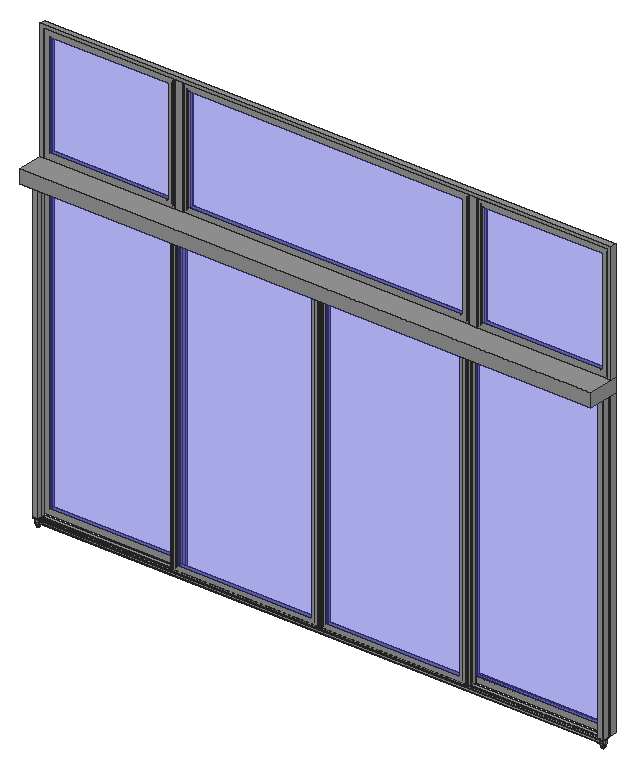
Revit family "Door-Sliding-DORMA-ST_FLEX_Green-Double_Panel", category Türen, Revit 2016
Family settings
  Basisbauteil = Wand
  OmniClass-Nummer = 23.30.10.00
  OmniClass-Titel = Doors
  Immer vertikal = Ja
  Beim Laden mit Abzugskörper schneiden = Nein
  Gemeinsam genutzt = Nein
  Raumberechnungspunkt = Nein
Parameters
  WindLoadResistance = "n/a"
  Width (mm) = 0
  Width [instance] = 4300.00 mm
  WeightNet [instance] = "n/a"
  WarrantyStartDate = "n/a"
  WarrantyGuarantorParts = "n/a"
  WarrantyGuarantorLabor = "n/a"
  WarrantyDurationUnit = "n/a"
  WarrantyDurationParts = "n/a"
  WarrantyDurationLabour = "n/a"
  WarrantyDescription = "n/a"
  WallRequirements = "Masonry to DIN 1053-1: Nominal thickness larger than 115 mm, Mortar group II, Crushing resistance of brickwork larger 12; Steel concrete to DIN 1045:  Nominal thickness larger 100 mm, Strength class B15"
  Version = 10
  Uniclass2 = "SS-25-30-20-77"
  URL = ""
  UNSPC code = "26"
  UNSPC category = ""
  UNPSC name = "Elkraftsutrustning och tillbehör"
  Track offset [instance] = 67.00 mm
  Top unit Height [instance] = 1000.00 mm
  Top Frame height [instance] = Top unit Height - 23.00 mm - 100.00 mm  # 877.00 mm
  ThermalTransmittance = "1.4 to 1.8"
  Technical description = "http://www.dorma.com/gb/en/products/opening_closing/automatic_sliding_special_doors/st_flex_green_en/index-23222-23245-66691.html"
  Technical Leaflet = "http://www.dorma.com/gb/en/products/opening_closing/automatic_sliding_special_doors/st_flex_green_en/index-23222-23245-66691.html"
  TagNumber [instance] = "n/a"
  SustainabilityPerformance = "n/a"
  SupplyVoltage = "230 V"
  SupplyVolatageFrequence = "50/60 Hz"
  StructuralTolerance = 0.00 mm
  Specification Text = "http://www.dorma.com/gb/en/products/opening_closing/automatic_sliding_special_doors/st_flex_green_en/index-23222-23245-66691.html"
  SmokeStop = "n/a"
  SlidingDoorOperator = "DORMA ES 200, ES 200-D (Escape Route)"
  SidePanelRight [instance] = yes
  SidePanelLeft [instance] = yes
  Shutter Width_1 [instance] = (LW / 2) - 6.00 mm - 5.00 mm + 37.00 mm  # 1101.00 mm
  Shutter Width 2 [instance] = (Width - LW) / 2 - 23.00 mm  # 1052.00 mm
  Shape = "Rectangle"
  ServiceLifeType = "n/a"
  ServiceLifeDuration = "n/a"
  SerialNumber [instance] = "n/a"
  Sensor = "Combined sensors to DIN 18650 and EN 16005"
  SecurityRating = "n/a"
  SafetyScreen [instance] = "Optional ST FLEX safety screen"
  SafetyDevices = "Self-regulating safety system monitoring all door movements including closing force. Auto reverse function if the doors make contact with an obstruction during the closing cycle (infrared threshold safety sensor)."
  SKGClass = "n/a"
  Revision = 10
  Remark = ""
  Reference = "n/a"
  ProtectionWing [instance] = "n/a"
  ProtectionClass = "IP 20"
  ProgrammFunctions = "Off,  Automatic, Permanent Open, Partial Open, Exit Only, Night-/Bank Function"
  Profile system = "DORMA Profile System ST FLEX"
  ProductInformation = "www.dorma.com"
  Product certification = "http://www.dorma.com/gb/en/products/opening_closing/automatic_sliding_special_doors/st_flex_green_en/index-23222-23245-66691.html"
  Product SKU = ""
  PowerConsumption = "180 to 250 W"
  OutputVoltage = "24 V"
  Options = "Parametrisation via PDA, Emergency opening/closing (only with rechargeable battery pack), 24 V output for external accessories, Bell contact"
  OperatorHeight = 0.00 mm
  OperatorDepth = 0.00 mm
  Opening_1 [instance] = Shutter Width_1 + 32.00 mm  # 1133.00 mm
  OpeningStyle = "Sliding"
  OpeningSpeed = "10 to 75 cm/s"
  OpeningClosingForceMax = "150 N"
  Opening Actual [instance] = if(Opening < 12.00 mm, 12.00 mm, if(Opening > 2 * (Width / 2 - Shutter Width_1 - 68.89 mm - 41.07 mm), 2 * (Width / 2 - Shutter Width_1 - 68.89 mm - 41.07 mm), Opening))  # 12.00 mm
  Opening [instance] = 0.00 mm
  NumberOfLeafs [instance] = 2
  NominalWidth = "n/a"
  NominalLength = "n/a"
  NominalHeight = "n/a"
  Name = "Sliding Door System ST-FLEX Green"
  NBSReference = "25-30-20-77"
  NBSNote = "n/a"
  NBSDescription = "Sliding Doorset Systems"
  MonitoringSystem = "n/a"
  ModelReference = "ST-FLEX"
  ModelNumber = "n/a"
  ModelLabel = "ST-FLEX Green"
  Material secondary = "Stell"
  Material main = "Metal"
  Material = "Metall"
  ManufacturerURL = "www.dorma.com"
  Manufacturer country = "Germany"
  Manufacturer EMail = ""
  Hersteller = "DORMA"
  Locking = "Electromechanical locking device (bistable), Manual lock release for electromechanical locking device, Read-out error log with error codes, Pharmacy Function"
  LW [instance] = Width / 2  # 2150.00 mm
  Wandabschluss = Nach Basisbauteil
  IsoCode = "ISO 9001"
  IsExternal = yes
  IsAutomaticReversing = yes
  InstallationDate [instance] = "n/a"
  Installation instructions = ""
  IfcExportType = "IfcDoorStyle"
  IfcExportAs = "IfcDoor"
  IFC Classification = "Door"
  HoldOpenTime = "0 to 180 s"
  Hersteller = "DORMA Deutschland GmbH"
  Height (mm) = 0
  Height [instance] = 2300.00 mm
  Hardware = "n/a"
  HandicapAccessible = "n/a"
  Grade = "n/a"
  GlazingAreaFraction = "n/a"
  GlassType = "n/a"
  GlassRange = "n/a"
  Glass Material = Glass
  Frame Material = Aluminum 5005
  FloorRail = "Continuous floor-integrated guide rail. The floor guide rail is always required and has to be provided by others!"
  FireRating = "n/a"
  FireExit = no
  FireAlarmRequirements = "n/a"
  Finish = "n/a"
  Features = "n/a"
  FanlightOptions = "one-piece, two-part, 3-part version"
  FanlightDivision [instance] = 3
  Fanlight [instance] = yes
  ExpectedLife = "1000000 operation cycles"
  EscapeRoute = no
  EnergyLevel = "n/a"
  EmergencyPowerSupply = "Rechargeable battery pack (optional)"
  ElectricalRequirements  = "The electrical contractor shall provide a 240-volt AC mains spur to the right-hand side of the opening above and on the same face that each drive unit is fitted. The spur must be switched and fused with a central flex outlet faceplate. A 10 amp residual circuit breaker at the mains board and a 5-amp fuse at the spur shall protect the circuit."
  Edition number = "0"
  EPD Certification = "http://www.dorma.com/gb/en/products/opening_closing/automatic_sliding_special_doors/st_flex_green_en/index-23222-23245-66691.html"
  DurationUnit = "n/a"
  DoorPanelWeightMax = "max. 2 x 160 kg"
  DoorNo = ""
  DoorID = ""
  Documentation = "n/a"
  DocumentReference = "www.dorma.com"
  DetailNr = ""
  Design country = "Germany"
  Depth (mm) = 0
  Date of publishing = ""
  Constituents = "n/a"
  Colour = "n/a"
  CodePerformance = "EN 16005, DIN 18650, EnEV 2009, EN ISO 10077, ISO 14025"
  ClosingSpeed = "10 to 50 cm/s"
  ClearPassageWidthMin = 0.00 mm
  ClearPassageWidthMax = 0.00 mm
  ClearPassageHeightMin = 0.00 mm
  ClearPassageHeightMax = 0.00 mm
  Category = "Sliding Doors"
  BusConnection = "Protocol DORMA Connect and Work"
  BreakageProtection = "n/a"
  Beschreibung = "Energy saving automatic sliding door system ST-FLEX Green"
  Barcode [instance] = "n/a"
  Author = "n/a"
  AssetType = "n/a"
  AssetIdentifier [instance] = "n/a"
  AdmissibleTemperature = "-20 to + 60 °C"
  AdmissibleHumidity = "max. 93 %"
  Activation = "DORMA Prosecure Opti Combi combined radar activation and threshold infrared safety sensor, Hard wired or wireless wall switch actuation satin stainless steel 150 x 150mm (Option), Slimline jamb switch satin stainless steel 115 x 45mm (Option), Link to access control (By others). DORMA require a normally open volt free contact momentarily closed on receipt of a valid signal from the access control system (Option)\n"
  AcousticRating = "n/a"
  AccessibilityPerformance = "n/a"
Reference planes
  plane 1 "Centre(F/B)": y = 0
  plane 2 "Center (Left/Right)": x = 0
  plane 3 "Left": x = -2150
  plane 4 "Right": x = 2150
  plane 5: z = 2300
  plane 6 "Exterior": y = 75
  plane 7 "Interior": y = -75
  plane 8 "Mullion 1": x = -1075
  plane 9 "Mullion 2": x = 1075
  plane 10 "Track": y = -67
  plane 11: z = 3300
  plane 12: x = -6
  plane 13: x = 6
Forms (mm)
  Sweep 1, solid, material "Aluminum 5005" <- "Frame Material"
    path origin (0, -75, 0) x (1, 0, 0) y (0, 0, 1)
      loop
        line (-2150, 2300) -> (2150, 2300)
    profile origin (0, -75, 2300) x (0, 0, 1) y (0, -1, 0)
      loop
        line (100, -96) -> (100, 136.5) -> (0, 136.5) -> (0, -96) -> (100, -96)
  Sweep 2, solid, material "Aluminum 5005" <- "Frame Material"
    path origin (0, -67, 0) x (-1, 0, 0) y (0, 0, 1)
      loop
        line (-2108.928, 0) -> (2108.928, 0)
    profile origin (0, -67, 0) x (0, 0, 1) y (0, 1, 0)
      loop
        line (-11, 9.4) -> (-11, 6)
        arc (-11, 6) -> (-10.414, 4.586) -> (-9, 4) r 2
        line (-9, 4) -> (-2, 4)
        arc (-2, 4) -> (-0.586, 4.586) -> (0, 6) r 2
        line (0, 6) -> (0, 30) -> (-1.5, 30) -> (-1.5, 7.5)
        arc (-1.5, 7.5) -> (-2.086, 6.086) -> (-3.5, 5.5) r 2
        line (-3.5, 5.5) -> (-7.5, 5.5)
        arc (-7.5, 5.5) -> (-8.914, 6.086) -> (-9.5, 7.5) r 2
        line (-9.5, 7.5) -> (-9.5, 10.9)
        arc (-9.5, 10.9) -> (-10.086, 12.314) -> (-11.5, 12.9) r 2
        line (-11.5, 12.9) -> (-34.5, 12.9)
        arc (-34.5, 12.9) -> (-35.914, 12.314) -> (-36.5, 10.9) r 2
        line (-36.5, 10.9) -> (-36.5, -10.9)
        arc (-36.5, -10.9) -> (-35.914, -12.314) -> (-34.5, -12.9) r 2
        line (-34.5, -12.9) -> (-11.5, -12.9)
        arc (-11.5, -12.9) -> (-10.086, -12.314) -> (-9.5, -10.9) r 2
        line (-9.5, -10.9) -> (-9.5, -7.5)
        arc (-9.5, -7.5) -> (-8.914, -6.086) -> (-7.5, -5.5) r 2
        line (-7.5, -5.5) -> (-3.5, -5.5)
        arc (-3.5, -5.5) -> (-2.086, -6.086) -> (-1.5, -7.5) r 2
        line (-1.5, -7.5) -> (-1.5, -30) -> (0, -30) -> (0, -6)
        arc (0, -6) -> (-0.586, -4.586) -> (-2, -4) r 2
        line (-2, -4) -> (-9, -4)
        arc (-9, -4) -> (-10.414, -4.586) -> (-11, -6) r 2
        line (-11, -6) -> (-11, -9.4)
        arc (-11, -9.4) -> (-11.586, -10.814) -> (-13, -11.4) r 2
        line (-13, -11.4) -> (-33, -11.4)
        arc (-33, -11.4) -> (-34.414, -10.814) -> (-35, -9.4) r 2
        line (-35, -9.4) -> (-35, 9.4)
        arc (-35, 9.4) -> (-34.414, 10.814) -> (-33, 11.4) r 2
        line (-33, 11.4) -> (-13, 11.4)
        arc (-13, 11.4) -> (-11.586, 10.814) -> (-11, 9.4) r 2
  Sweep 3, solid, material "Aluminum 5005" <- "Frame Material"
    path origin (0, 0, -52.5) x (1, 0, 0) y (0, 0, 1)
      loop
        line (-1075, 2352.5) -> (-1075, 52.5)
    profile origin (-1075, 0, 1150) x (0, -1, 0) y (1, 0, 0)
      loop
        line (18.299, 0) -> (18.299, -50) -> (46.952, -50) -> (46.952, 0) -> (18.299, 0)
  Sweep 4, solid, material "Aluminum 5005" <- "Frame Material"
    path origin (0, 0, 0) x (1, 0, 0) y (0, 0, 1)
      loop
        line (2150, 0) -> (2150, 3300) -> (-2150, 3300) -> (-2150, 0)
    profile origin (-2150, 0, 1650) x (0, -1, 0) y (1, 0, 0)
      loop
        line (21, 23) -> (-21, 23) -> (-21, 0) -> (21, 0) -> (21, 23)
  Sweep 5, solid, material "Aluminum 5005" <- "Frame Material"
    path origin (0, 0, 0) x (-1, 0, 0) y (0, 0, 1)
      loop
        line (-1075, 2300) -> (-1075, 0)
    profile origin (1075, 0, 1150) x (0, -1, 0) y (1, 0, 0)
      loop
        line (18.299, 0) -> (47.069, 0) -> (47.069, 50) -> (18.299, 50) -> (18.299, 0)
  Sweep 6, solid, material "Aluminum 5005" <- "Frame Material"
    path origin (0, 0, 0) x (1, 0, 0) y (0, 0, 1)
      loop
        line (-1075, 3277) -> (-1075, 2400)
    profile origin (-1075, 0, 2838.5) x (0, -1, 0) y (1, 0, 0)
      loop
        line (-18.5, -64) -> (18.5, -64) -> (18.5, 0) -> (-18.5, 0) -> (-18.5, -64)
  Sweep 7, solid, material "Aluminum 5005" <- "Frame Material"
    path origin (0, 0, 0) x (-1, 0, 0) y (0, 0, 1)
      loop
        line (-1075, 3276.797) -> (-1075, 2400)
    profile origin (1075, 0, 2838.398) x (0, -1, 0) y (1, 0, 0)
      loop
        line (-18.5, 64) -> (-18.5, 0) -> (18.5, 0) -> (18.5, 64) -> (-18.5, 64)
Lines and regions (mm)
  Opening 1
    outline origin (-3050, -75, 0) x (1, 0, 0) y (0, 0, 1)
      loop
        line (900, 0) -> (5200, 0) -> (5200, 3300) -> (900, 3300) -> (900, 0)
  symbolic lines, style "DoorsFrameMullionProjection"
    curve 1: line (-2127, 17.949, 0) -> (-1111, 17.949, 0)
    curve 5: line (-2150, -21, 0) -> (-2127, -21, 0)
    curve 15: line (1108.001, 17.949, 0) -> (2127, 17.949, 0)
    curve 22: line (2127, 21, 0) -> (2127, -21, 0)
    curve 23: line (2127, -21, 0) -> (2150, -21, 0)
    curve 24: line (2150, 21, 0) -> (2127, 21, 0)
    curve 29: line (-1107, -49.051, 0) -> (-6, -49.051, 0)
    curve 30: line (-6, -85.086, 0) -> (-1107, -85.086, 0)
    curve 31: line (-6, -85.086, 0) -> (-6, -49.051, 0)
    curve 36: line (1092, -49.051, 0) -> (6, -49.051, 0)
    curve 37: line (6, -85.086, 0) -> (1092, -85.086, 0)
    curve 42: line (6, -49.051, 0) -> (6, -85.086, 0)
    curve 43: line (0, -211.5, 2300) -> (0, 21, 2300)
    curve 44: line (0, -211.5, 2400) -> (0, -211.5, 2300)
    curve 45: line (0, 21, 2400) -> (0, -211.5, 2400)
    curve 46: line (0, 21, 2300) -> (0, 21, 2400)
    curve 47: line (0, 18, 2400) -> (0, 18, 3276.846)
    curve 48: line (0, -18.034, 3276.846) -> (0, -18.034, 2400)
    curve 49: line (0, -18.086, 0) -> (0, -18.086, 2300)
    curve 50: line (0, 17.949, 2300) -> (0, 17.949, 0)
    curve 60: line (0, 21, 3300) -> (0, -21, 3300)
    curve 61: line (0, 21, 3276.846) -> (0, 21, 3300)
    curve 62: line (0, -21, 3276.846) -> (0, 21, 3276.846)
    curve 63: line (0, -21, 3300) -> (0, -21, 3276.846)
    curve 64: line (0, -85.086, 0) -> (0, -85.086, 2300)
    curve 65: line (0, -49.051, 2300) -> (0, -49.051, 0)
    curve 72: line (-2150, 75, 0) -> (2150, 75, 0)
    curve 73: line (-2150, 75, 0) -> (-2150, -75, 0)
    curve 74: line (2150, 75, 0) -> (2150, -75, 0)
    curve 75: line (-36, -85.086, 0) -> (-36, -49.051, 0)
    curve 76: line (36, -85.086, 0) -> (36, -49.051, 0)
    curve 79: line (-2108.928, -37, 0) -> (-2145, -37, 0)
    curve 80: line (-2108.928, -37, 0) -> (-2108.928, -97, 0)
    curve 81: line (-2145.006, -97, 0) -> (-2108.928, -97, 0)
    curve 82: line (-2150, -42, 0) -> (-2150, -92, 0)
    curve 83: arc (-2145, -37, 0) -> (-2148.536, -38.464, 0) -> (-2150, -42, 0) r 5
    curve 84: arc (-2150, -92, 0) -> (-2148.538, -95.533, 0) -> (-2145.006, -97, 0) r 5
    curve 85: line (-2108.928, -97, 0) -> (2108.928, -97, 0)
    curve 86: line (2108.928, -37, 0) -> (2145, -37, 0)
    curve 87: line (2108.928, -37, 0) -> (2108.928, -97, 0)
    curve 88: line (2145.006, -97, 0) -> (2108.928, -97, 0)
    curve 89: arc (2150, -92, 0) -> (2148.538, -95.533, 0) -> (2145.006, -97, 0) r 5
    curve 90: line (2150, -42, 0) -> (2150, -92, 0)
    curve 91: arc (2145, -37, 0) -> (2148.536, -38.464, 0) -> (2150, -42, 0) r 5
    curve 93: line (0, 17.949, 0) -> (0, -18.086, 0)
    curve 94: line (0, -49.051, 0) -> (0, -85.086, 0)
  symbolic lines, style "DoorsFrameMullionProjection", detail levels coarse+medium
    curve 2: line (-1111, -18.086, 0) -> (-2127, -18.086, 0)
    curve 3: line (-2127, 21, 0) -> (-2150, 21, 0)
    curve 4: line (-2127, -18.086, 0) -> (-2127, 21, 0)
    curve 6: line (-1125, -18.299, 0) -> (-1125, -46.952, 0)
    curve 7: line (-1125, -46.952, 0) -> (-1075, -46.952, 0)
    curve 8: line (-1075, -46.952, 0) -> (-1075, 17.975, 0)
    curve 9: line (-1075, 17.975, 0) -> (-1111, 17.975, 0)
    curve 10: line (-1111, 17.975, 0) -> (-1111, -18.086, 0)
    curve 16: line (1108.001, 17.975, 0) -> (1075, 17.975, 0)
    curve 17: line (1075, 17.975, 0) -> (1075, -47.069, 0)
    curve 18: line (1075, -47.069, 0) -> (1125, -47.069, 0)
    curve 19: line (1125, -47.069, 0) -> (1125, -18.299, 0)
    curve 20: line (2127, -18.086, 0) -> (1108.001, -18.086, 0)
    curve 21: line (1108.001, -18.086, 0) -> (1108.001, 17.975, 0)
    curve 70: line (-1107, -85.086, 0) -> (-1107, -47.147, 0)
    curve 71: line (1092, -85.086, 0) -> (1092, -49.051, 0)
    curve 101: line (-1107, -47.147, 0) -> (-1125, -47.147, 0)
    curve 102: line (-1125, -85.086, 0) -> (-1125, -47.147, 0)
    curve 103: line (1092, -85.086, 0) -> (1092, -47.147, 0)
    curve 104: line (1092, -47.147, 0) -> (1110.001, -47.147, 0)
    curve 105: line (1110.001, -85.086, 0) -> (1110.001, -47.147, 0)
    curve 106: line (1092, -85.086, 0) -> (1110.001, -85.086, 0)
    curve 107: line (-1125, -85.086, 0) -> (-1107, -85.086, 0)
  symbolic lines, style "DoorsFrameMullionProjection", detail levels medium+fine
    curve 11: line (-1111, 14.686, 0) -> (-2098, 14.686, 0)
    curve 12: line (-2098, -14.789, 0) -> (-1111, -14.789, 0)
    curve 25: line (2098, 14.686, 0) -> (1108.001, 14.686, 0)
    curve 26: line (1108.001, -14.789, 0) -> (2098, -14.789, 0)
    curve 32: line (-36, -52.314, 0) -> (-1107, -52.314, 0)
    curve 33: line (-1107, -81.789, 0) -> (-36, -81.789, 0)
    curve 38: line (36, -52.314, 0) -> (1092, -52.314, 0)
    curve 39: line (1092, -81.789, 0) -> (36, -81.789, 0)
    curve 51: line (0, 14.738, 3251.412) -> (0, 14.738, 2453.001)
    curve 52: line (0, 7.12, 3251.412) -> (0, 7.12, 2453.001)
    curve 53: line (0, -7.12, 2453.001) -> (0, -7.12, 3251.412)
    curve 54: line (0, -14.738, 2453.001) -> (0, -14.738, 3251.412)
    curve 57: line (0, 14.686, 49.101) -> (0, 14.686, 2269.499)
    curve 58: line (0, -14.789, 2269.499) -> (0, -14.789, 49.101)
    curve 59: line (0, 21, 2400) -> (0, -14.738, 2400)
    curve 68: line (0, -52.314, 49.001) -> (0, -52.314, 2270)
    curve 69: line (0, -81.789, 2270) -> (0, -81.789, 49.001)
    curve 77: line (-2098, 17.949, 0) -> (-2098, -18.086, 0)
    curve 78: line (2098, 17.949, 0) -> (2098, -18.086, 0)
    curve 95: line (0, -18.086, 49.101) -> (0, 17.949, 49.101)
    curve 96: line (0, -49.051, 49.001) -> (0, -85.086, 49.001)
    curve 97: line (0, -18.086, 2269.499) -> (0, 17.949, 2269.499)
    curve 98: line (0, -85.086, 2270) -> (0, -49.051, 2270)
    curve 99: line (0, -18.034, 3251.412) -> (0, 18, 3251.412)
    curve 100: line (0, -18.034, 2453.001) -> (0, 18, 2453.001)
  symbolic lines, style "DoorsFrameMullionProjection", detail levels fine
    curve 13: line (-1111, 7.068, 0) -> (-2098, 7.068, 0)
    curve 14: line (-2098, -7.171, 0) -> (-1111, -7.171, 0)
    curve 27: line (2098, 7.068, 0) -> (1108.001, 7.068, 0)
    curve 28: line (1108.001, -7.171, 0) -> (2098, -7.171, 0)
    curve 34: line (-36, -59.932, 0) -> (-1107, -59.932, 0)
    curve 35: line (-1107, -74.171, 0) -> (-36, -74.171, 0)
    curve 40: line (36, -59.932, 0) -> (1092, -59.932, 0)
    curve 41: line (1092, -74.171, 0) -> (36, -74.171, 0)
    curve 55: line (0, 7.068, 49.101) -> (0, 7.068, 2269.499)
    curve 56: line (0, -7.171, 2269.499) -> (0, -7.171, 49.101)
    curve 66: line (0, -59.932, 49.001) -> (0, -59.932, 2270)
    curve 67: line (0, -74.171, 2270) -> (0, -74.171, 49.001)
  symbolic lines, style "DoorsHiddenLines", detail levels fine
    curve 92: line (-2108.928, -67, 0) -> (2108.928, -67, 0)
Text (mm)
  text "Exterior" at (-2295.016, 1099.543, 0), in view "Ref. Level"
  text "Exterior" at (0, 1615.38, 3698.081), in view "Left"
  text "Exterior" at (0, 1036.032, 3874.932), in view "Right"
Dimensions and locks
  equal spacing: plane 8 "Mullion 1", plane 2 "Center (Left/Right)", plane 9 "Mullion 2"
  "Width": plane 3 "Left" to plane 4 "Right"
  "Height": plane 5 to host wall
  host wall to plane 5 = 2300.00 mm  (x2)
  locked: plane 6 "Exterior" to host wall at 0
  locked: plane 7 "Interior" to host wall
  "Top unit Height": plane 11 to plane 5
  equal spacing: plane 12, plane 2 "Center (Left/Right)", plane 13
  "Opening Actual": plane 12 to plane 13
  equal spacing: plane 3 "Left", plane 2 "Center (Left/Right)", plane 4 "Right"
  "LW": plane 8 "Mullion 1" to plane 9 "Mullion 2"
  "Track offset": plane 10 "Track" to host wall
  plane 3 "Left" to plane 4 "Right" = 4300.00 mm
  locked: plane 5 to nested 16 at 12.5
  locked: Sweep 4 to Sweep 1 sketch curve at 232.5
  locked: profile plane to Sweep 1 sketch curve at 100
  equal spacing: Sweep 2, curve 92, Sweep 2
  locked: curve 102 to curve 70 at 18
  locked: curve 29 to curve 101 at 1.904
  locked: curve 105 to curve 103 at 18
  locked: curve 104 to curve 36 at 1.904
  aligned and locked: plane 3 "Left" to Opening 1 sketch curve
  aligned and locked: Opening 1 sketch curve to plane 4 "Right"
  aligned and locked: Opening 1 sketch curve to level
  aligned and locked: host wall to plane 1 "Centre(F/B)"
  aligned and locked: plane 5 to Sweep 1 sketch curve
  aligned and locked: plane 4 "Right" to Sweep 1 sketch curve
  aligned and locked: plane 3 "Left" to Sweep 1 sketch curve
  aligned and locked: Opening 1 sketch curve to plane 11
  aligned and locked: nested 1 to plane 10 "Track"
  aligned and locked: plane 3 "Left" to nested 1
  aligned and locked: level to nested 1
  aligned and locked: nested 2 to level
  aligned and locked: Sweep 2 sketch curve to level
  aligned and locked: nested 3 to plane 10 "Track"
  aligned and locked: plane 3 "Left" to nested 3
  aligned and locked: nested 3 to level
  aligned and locked: level to nested 4
  aligned and locked: plane 4 "Right" to nested 4
  aligned and locked: nested 4 to plane 10 "Track"
  aligned and locked: plane 4 "Right" to nested 2
  aligned and locked: nested 2 to plane 10 "Track"
  aligned and locked: nested 3 to Sweep 2 sketch curve  (x2)
  aligned and locked: nested 4 to Sweep 2 sketch curve
  aligned and locked: nested 6 to plane 12
  aligned and locked: nested 5 to plane 13
  aligned and locked: nested 5 to plane 10 "Track"
  aligned and locked: plane 10 "Track" to nested 6
  aligned and locked: nested 7 to plane 10 "Track"
  aligned and locked: Sweep 3 sketch curve to plane 8 "Mullion 1"
  aligned and locked: plane 10 "Track" to nested 8
  aligned and locked: nested 9 to host wall
  aligned and locked: nested 10 to host wall
  aligned and locked: plane 3 "Left" to Sweep 4 sketch curve
  aligned and locked: level to Sweep 4 sketch curve
  aligned and locked: plane 3 "Left" to Sweep 4
  aligned and locked: Sweep 4 sketch curve to plane 11
  aligned and locked: plane 4 "Right" to Sweep 4 sketch curve
  aligned and locked: plane 8 "Mullion 1" to Sweep 3
  aligned and locked: Sweep 5 to plane 9 "Mullion 2"
  aligned and locked: nested 11 to Sweep 4
  aligned and locked: host wall to nested 11
  aligned and locked: Sweep 4 to nested 11
  aligned and locked: nested 13 to Sweep 4
  aligned and locked: Sweep 6 sketch curve to plane 8 "Mullion 1"
  aligned and locked: Sweep 1 to Sweep 6 sketch curve
  aligned and locked: Sweep 4 to Sweep 6 sketch curve
  aligned and locked: Sweep 7 to plane 9 "Mullion 2"
  aligned and locked: nested 11 to Sweep 6
  aligned and locked: plane 8 "Mullion 1" to nested 12
  aligned and locked: Sweep 7 to nested 13
  aligned and locked: plane 9 "Mullion 2" to nested 12
  aligned and locked: nested 12 to Sweep 1
  aligned and locked: nested 13 to Sweep 1
  aligned and locked: plane 10 "Track" to nested 14
  aligned and locked: Sweep 4 to Sweep 1
  aligned and locked: nested 15 to plane 11
  aligned and locked: host wall to nested 15
  aligned and locked: nested 16 to host wall
  aligned and locked: nested 17 to nested 5
  aligned and locked: plane 5 to nested 17
  aligned and locked: nested 18 to plane 1 "Centre(F/B)"
  aligned and locked: level to nested 18
  aligned and locked: nested 19 to level
  aligned and locked: plane 10 "Track" to nested 19
  aligned and locked: nested 20 to plane 3 "Left"
  aligned and locked: nested 21 to plane 4 "Right"
  aligned and locked: plane 1 "Centre(F/B)" to nested 20
  aligned and locked: nested 21 to plane 1 "Centre(F/B)"
  aligned and locked: curve 1 to nested 9
  aligned and locked: nested 9 to curve 2
  aligned and locked: Sweep 4 to curve 4
  aligned and locked: curve 5 to Sweep 4
  aligned and locked: curve 6 to Sweep 3
  aligned and locked: curve 8 to Sweep 3
  aligned and locked: nested 9 to curve 11
  aligned and locked: nested 9 to curve 12
  aligned and locked: nested 9 to curve 13
  aligned and locked: nested 9 to curve 14
  aligned and locked: curve 17 to Sweep 5
  aligned and locked: curve 18 to Sweep 5
  aligned and locked: curve 19 to Sweep 5
  aligned and locked: curve 20 to nested 10
  aligned and locked: Sweep 4 to curve 22
  aligned and locked: Sweep 4 to curve 23
  aligned and locked: curve 24 to Sweep 4
  aligned and locked: nested 10 to curve 25
  aligned and locked: nested 10 to curve 26
  aligned and locked: nested 10 to curve 27
  aligned and locked: nested 10 to curve 28
  aligned and locked: curve 30 to nested 8
  aligned and locked: nested 8 to curve 32
  aligned and locked: curve 33 to nested 8
  aligned and locked: nested 8 to curve 34
  aligned and locked: nested 8 to curve 35
  aligned and locked: nested 7 to curve 36
  aligned and locked: curve 37 to nested 7
  aligned and locked: nested 7 to curve 38
  aligned and locked: nested 7 to curve 39
  aligned and locked: nested 7 to curve 40
  aligned and locked: nested 7 to curve 41
  aligned and locked: plane 8 "Mullion 1" to nested 22
  aligned and locked: nested 9 to nested 22
  aligned and locked: plane 9 "Mullion 2" to nested 23
  aligned and locked: nested 23 to nested 10
  aligned and locked: curve 43 to Sweep 1
  aligned and locked: curve 44 to Sweep 1
  aligned and locked: Sweep 1 to curve 45
  aligned and locked: curve 47 to nested 11
  aligned and locked: nested 11 to curve 48
  aligned and locked: nested 9 to curve 49
  aligned and locked: nested 9 to curve 50
  aligned and locked: nested 11 to curve 51
  aligned and locked: nested 11 to curve 52
  aligned and locked: nested 11 to curve 53
  aligned and locked: nested 11 to curve 54
  aligned and locked: nested 9 to curve 55
  aligned and locked: nested 9 to curve 56
  aligned and locked: nested 9 to curve 57
  aligned and locked: nested 9 to curve 58
  aligned and locked: Sweep 5 sketch curve to plane 9 "Mullion 2"
  aligned and locked: curve 63 to Sweep 4
  aligned and locked: Sweep 4 to Sweep 6
  aligned and locked: curve 61 to Sweep 4
  aligned and locked: plane 11 to Sweep 4
  aligned and locked: curve 64 to nested 8
  aligned and locked: curve 65 to nested 8
  aligned and locked: nested 8 to curve 66
  aligned and locked: nested 8 to curve 67
  aligned and locked: nested 8 to curve 68
  aligned and locked: nested 8 to curve 69
  aligned and locked: Sweep 4 to nested 24
  aligned and locked: nested 24 to plane 5
  aligned and locked: plane 8 "Mullion 1" to nested 9
  aligned and locked: Sweep 4 sketch curve to nested 20
  aligned and locked: plane 9 "Mullion 2" to nested 10
  aligned and locked: level to nested 10
  aligned and locked: nested 7 to level
  aligned and locked: level to nested 8
  aligned and locked: level to nested 9
  aligned and locked: nested 6 to level
  aligned and locked: nested 5 to level
  aligned and locked: Sweep 3 to level
  aligned and locked: plane 5 to Sweep 5 sketch curve
  aligned and locked: level to Sweep 5 sketch curve
  aligned and locked: plane 5 to Sweep 3 sketch curve
  aligned and locked: plane 12 to curve 31  (x2)
  aligned and locked: plane 4 "Right" to curve 74
  aligned and locked: plane 6 "Exterior" to curve 72
  aligned and locked: plane 3 "Left" to curve 73
  aligned and locked: curve 77 to nested 20
  aligned and locked: curve 78 to nested 21
  aligned and locked: nested 26 to nested 25
  aligned and locked: nested 25 to nested 7
  aligned and locked: curve 70 to nested 8
  aligned and locked: plane 12 to nested 8
  aligned and locked: nested 7 to plane 13
  aligned and locked: nested 28 to nested 27
  aligned and locked: nested 27 to nested 8
  aligned and locked: curve 79 to nested 3
  aligned and locked: curve 80 to Sweep 2
  aligned and locked: curve 81 to nested 3
  aligned and locked: curve 82 to nested 3
  aligned and locked: curve 83 to nested 3
  aligned and locked: curve 84 to nested 3
  aligned and locked: curve 85 to Sweep 2
  aligned and locked: curve 87 to Sweep 2
  aligned and locked: curve 88 to nested 4
  aligned and locked: curve 89 to nested 4
  aligned and locked: curve 90 to nested 4
  aligned and locked: plane 12 to nested 14
  aligned and locked: plane 13 to nested 29
  aligned and locked: curve 93 to Sweep 3
  aligned and locked: curve 95 to nested 18
  aligned and locked: curve 96 to nested 19
  aligned and locked: curve 97 to nested 16
  aligned and locked: curve 98 to nested 17
  aligned and locked: plane 5 to curve 50
  aligned and locked: curve 99 to nested 11
  aligned and locked: nested 30 to Sweep 1
  aligned and locked: nested 30 to plane 1 "Centre(F/B)"
  aligned and locked: curve 100 to nested 30
  aligned and locked: Sweep 2 sketch curve to nested 3
  aligned and locked: curve 37 to curve 106
  aligned and locked: curve 107 to curve 30
  aligned and locked: curve 21 to nested 23
  aligned and locked: curve 103 to nested 25
  aligned and locked: curve 7 to Sweep 3
  aligned and locked: curve 104 to curve 101
Automatic sketch dimensions
  profile plane to Sweep 2 sketch curve = 0.00 mm
  profile plane to Sweep 2 sketch curve = 1.50 mm
  Sweep 2 sketch curve to Sweep 2 sketch curve = 1.50 mm  (x16)
  profile plane to Sweep 2 sketch curve = 2.00 mm  (x2)
  Sweep 2 sketch curve to Sweep 2 sketch curve = 4.00 mm  (x2)
  Sweep 2 sketch curve to Sweep 2 sketch curve = 0.50 mm  (x8)
  Sweep 2 sketch curve to Sweep 2 sketch curve = 2.00 mm  (x7)
  Sweep 2 sketch curve to Sweep 2 sketch curve = 20.00 mm  (x2)
  Sweep 2 sketch curve to plane 10 "Track" = 9.40 mm
  plane 10 "Track" to Sweep 2 sketch curve = 9.40 mm
  Sweep 2 sketch curve to profile plane = 0.00 mm
  Sweep 2 sketch curve to Sweep 2 sketch curve = 0.00 mm
  Sweep 2 sketch curve to plane 10 "Track" = 12.90 mm
  Sweep 2 sketch curve to Sweep 2 sketch curve = 3.50 mm
  Sweep 2 sketch curve to plane 10 "Track" = 7.50 mm
  Sweep 2 sketch curve to Sweep 2 sketch curve = 1.90 mm  (x2)
  plane 10 "Track" to Sweep 2 sketch curve = 4.00 mm
  Sweep 4 sketch curve to level = 0.00 mm
  Sweep 3 sketch curve to level = 0.00 mm
  curve 94 to level = 0.00 mm
  curve 60 to plane 11 = 0.00 mm
  curve 46 to host wall = 21.00 mm
  curve 48 to curve 59 = 3.297 mm
  curve 63 to plane 11 = 23.154 mm
  profile plane to Sweep 1 sketch curve = 0.00 mm
  Sweep 1 sketch curve to plane 7 "Interior" = 96.00 mm
  profile plane to Sweep 3 sketch curve = 50.00 mm
  Sweep 4 sketch curve to profile plane = 0.00 mm
  Sweep 4 sketch curve to plane 1 "Centre(F/B)" = 21.00 mm
  plane 1 "Centre(F/B)" to Sweep 4 sketch curve = 21.00 mm
  Sweep 5 sketch curve to plane 9 "Mullion 2" = 0.00 mm
  Sweep 6 sketch curve to profile plane = 0.00 mm
  Sweep 6 sketch curve to plane 1 "Centre(F/B)" = 18.50 mm
  plane 1 "Centre(F/B)" to Sweep 6 sketch curve = 18.50 mm
  profile plane to Sweep 6 sketch curve = 64.00 mm
  Sweep 7 sketch curve to plane 9 "Mullion 2" = 0.00 mm
  plane 5 to Sweep 7 sketch curve = 100.00 mm
  plane 11 to Sweep 7 sketch curve = 23.203 mm
  Sweep 7 sketch curve to profile plane = 0.00 mm
  Sweep 7 sketch curve to plane 1 "Centre(F/B)" = 18.50 mm
  plane 1 "Centre(F/B)" to Sweep 7 sketch curve = 18.50 mm
  Sweep 7 sketch curve to profile plane = 64.00 mm
  curve 37 to plane 13 = 0.00 mm
  host wall to curve 73 = 0.00 mm
  host wall to curve 74 = 0.00 mm
  plane 4 "Right" to curve 86 = 5.00 mm
  curve 5 to curve 2 = 0.00 mm
  curve 9 to curve 1 = 0.00 mm
  curve 34 to plane 12 = 30.00 mm
  curve 40 to plane 13 = 30.00 mm
  curve 86 to curve 23 = 16.00 mm
  curve 1 to curve 4 = 3.051 mm
  curve 90 to curve 91 = 0.00 mm
  curve 82 to curve 83 = 0.00 mm
  curve 19 to curve 20 = 0.214 mm
  curve 6 to curve 2 = 0.214 mm
  curve 15 to curve 16 = 0.027 mm
  Sweep 5 sketch curve to Sweep 5 sketch curve = 28.77 mm
  Sweep 5 sketch curve to Sweep 5 sketch curve = 50.00 mm
  Sweep 5 sketch curve to profile plane = 0.00 mm
  plane 1 "Centre(F/B)" to Sweep 5 sketch curve = 18.299 mm
  curve 16 to host wall = 17.975 mm
  plane 1 "Centre(F/B)" to Sweep 3 sketch curve = 46.952 mm
  Sweep 3 sketch curve to profile plane = 0.00 mm
  plane 1 "Centre(F/B)" to Sweep 3 sketch curve = 18.299 mm
  curve 9 to host wall = 17.975 mm
  curve 9 to plane 8 "Mullion 1" = 36.00 mm
  plane 10 "Track" to curve 80 = 30.00 mm
  curve 87 to curve 86 = 0.00 mm
Nested families
  nested 1: "Bottom Rail Edge" at (-2127.409, -67, -2.093), type "Bottom Rail Edge"
  nested 2: "Bottom Rail Edge" at (2127.409, -67, -2.093) x (-1, 0, 0) z (0, 0, 1), type "Bottom Rail Edge"
  nested 3: "Comp" at (-2108.928, -67, 0), Comp Height <- "Height", type "Comp"
    with Comp Height 2300.00 mm
  nested 4: "Comp" at (2108.928, -67, 0) x (-1, 0, 0) z (0, 0, 1), Comp Height <- "Height", type "Comp"
    with Comp Height 2300.00 mm
  nested 5: "Family14" at (6, -67, 0), H1 <- "Height", type "Family14"
    with H1 2300.00 mm
  nested 6: "Family14" at (-6, -67, 0) x (-1, 0, 0) z (0, 0, 1), H1 <- "Height", type "Family14"
    with H1 2300.00 mm
  nested 7: "Shutter" at (556.5, -67, 0), type "Moving"
    with Width 1101.00 mm, Height 2300.00 mm
  nested 8: "Shutter" at (-556.5, -67, 0) x (-1, 0, 0) z (0, 0, 1), type "Moving"
    with Width 1101.00 mm, Height 2300.00 mm
  nested 9: "Shutter" at (-1601, 0, 0) x (-1, 0, 0) z (0, 0, 1), type "Fixed"
    with Width 1052.00 mm, Height 2300.00 mm
  nested 10: "Shutter" at (1601, 0, 0) x (-1, 0, 0) z (0, 0, 1), type "Fixed"
    with Width 1052.00 mm, Height 2300.00 mm
  nested 11: "Family8" at (-1278.379, 0, 2400), type "Family8"
    with w 988.00 mm, h 877.00 mm
  nested 12: "Family8" at (-226.378, 0, 2399.797), type "Family8"
    with w 2150.00 mm, h 877.00 mm
  nested 13: "Family8" at (1987.622, 0, 2399.797), type "Family8"
    with w 988.00 mm, h 877.00 mm
  nested 14: "Profile 4" at (-6, -67, 0) x (0, 1, 0) z (0, 0, 1), type "Profile 4", detail levels fine
  nested 15: "Profile 3" at (-2500, 21, 3300) x (0, 1, 0) z (1, 0, 0), type "Profile 3", detail levels fine
  nested 16: "Profile 5" at (-2500, 0, 2312.5) x (0, -1, 0) z (1, 0, 0), type "Profile 5", detail levels fine
  nested 17: "Profile 5 - 1" at (0, -67, 2300) x (0, 1, 0) z (1, 0, 0), type "Profile 5 - 1", detail levels fine
  nested 18: "Profile 6" at (0, 0, 0) x (0, -1, 0) z (1, 0, 0), type "Profile 6", detail levels fine
  nested 19: "Profile 6_1" at (0, -67, 0) x (0, 1, 0) z (1, 0, 0), type "Profile 6_1", detail levels fine
  nested 20: "Profile2" at (-2150, 0, 0), type "Profile2", detail levels fine
  nested 21: "Profile2" at (2150, 0, 0) x (-1, 0, 0) z (0, 0, 1), type "Profile2", detail levels fine
  nested 22: "01" at (-1075, 17.949, 0), type "01", detail levels fine
  nested 23: "01" at (1075, 17.949, 0) x (-1, 0, 0) z (0, 0, 1), type "01", detail levels fine
  nested 24: "Detail" at (-2500, 21, 2300) x (0, -1, 0) z (1, 0, 0), type "Detail", detail levels fine
  nested 25: "02" at (1075.001, 16.911, 0) x (-1, 0, 0) z (0, 0, 1), type "02", detail levels fine
  nested 26: "Family5" at (1088.211, -66.156, 0) x (-1, 0, 0) z (0, 0, 1), type "Family5"
  nested 27: "02" at (-1075.001, 16.911, 0), type "02", detail levels fine
  nested 28: "Family5" at (-1088.211, -66.156, 0), type "Family5"
  nested 29: "Profile 4" at (6, -67, 0) x (0, -1, 0) z (0, 0, 1), type "Profile 4", detail levels fine
  nested 30: "Profile 3" at (-2500, 21, 2400) x (0, 1, 0) z (1, 0, 0), type "Profile 3", detail levels fine
Definition of nested family "Bottom Rail Edge"
  Parameters
    Frame Material = none
  Reference planes
    plane 1 "Center (Front/Back)": y = 0
    plane 2: z = 0
    plane 3 "Center (Left/Right)": x = 0
  Forms (mm)
    Extrusion 1, solid, material <- "Frame Material"
      sketch origin (486.155, 280.024, 0) x (1, 0, 0) y (0, 1, 0)
        loop
          line (-503.745, -310.024) -> (-467.745, -310.024) -> (-467.745, -284.024) -> (-470.745, -284.024) -> (-470.745, -291.424) -> (-493.745, -291.424) -> (-493.745, -268.624) -> (-470.745, -268.624) -> (-470.745, -274.024) -> (-467.745, -274.024) -> (-467.745, -250.024) -> (-503.718, -250.024)
          arc (-503.718, -250.024) -> (-507.271, -251.478) -> (-508.745, -255.024) r 5
          line (-508.745, -255.024) -> (-508.745, -305.024)
          arc (-508.745, -305.024) -> (-507.281, -308.559) -> (-503.745, -310.024) r 5
      from 0 to 2.093
    Extrusion 2, solid, material <- "Frame Material"
      sketch origin (0, 0, 0) x (1, 0, 0) y (0, 1, 0)
        loop
          line (-4.591, 11.4) -> (12.409, 11.4)
          arc (12.409, 11.4) -> (14.531, 10.521) -> (15.409, 8.4) r 3
          line (15.409, 8.4) -> (15.409, 6) -> (16.625, 6) -> (16.625, 12.484)
          arc (16.625, 12.484) -> (15.888, 14.263) -> (14.108, 15) r 2.516
          line (14.108, 15) -> (-10.375, 15)
          arc (-10.375, 15) -> (-12.497, 14.121) -> (-13.375, 12) r 3
          line (-13.375, 12) -> (-13.375, -12)
          arc (-13.375, -12) -> (-12.497, -14.121) -> (-10.375, -15) r 3
          line (-10.375, -15) -> (13.841, -15)
          arc (13.841, -15) -> (15.809, -14.185) -> (16.625, -12.216) r 2.784
          line (16.625, -12.216) -> (16.625, -4) -> (15.409, -4) -> (15.409, -8.4)
          arc (15.409, -8.4) -> (14.531, -10.521) -> (12.409, -11.4) r 3
          line (12.409, -11.4) -> (-4.591, -11.4)
          arc (-4.591, -11.4) -> (-6.712, -10.521) -> (-7.591, -8.4) r 3
          line (-7.591, -8.4) -> (-7.591, 8.4)
          arc (-7.591, 8.4) -> (-6.712, 10.521) -> (-4.591, 11.4) r 3
      from -37 to 0
    Extrusion 3, solid, material <- "Frame Material"
      sketch origin (0, 0, 0) x (1, 0, 0) y (0, 1, 0)
        loop
          arc (-10.375, 15) -> (-12.497, 14.121) -> (-13.375, 12) r 3
          line (-13.375, 12) -> (-13.375, -12)
          arc (-13.375, -12) -> (-12.497, -14.121) -> (-10.375, -15) r 3
          line (-10.375, -15) -> (13.625, -15)
          arc (13.625, -15) -> (15.746, -14.121) -> (16.625, -12) r 3
          line (16.625, -12) -> (16.625, 12)
          arc (16.625, 12) -> (15.746, 14.121) -> (13.625, 15) r 3
          line (13.625, 15) -> (-10.375, 15)
      from -37 to -38.232
    Revolve 4, solid, material <- "Frame Material"
      sketch origin (0, 0, 0) x (1, 0, 0) y (0, 0, 1)
        loop
          line (0, -63.232) -> (10.75, -63.232) -> (12.5, -56.232) -> (10.75, -56.232) -> (12.5, -49.232) -> (10.75, -49.232) -> (12.5, -42.233) -> (10.942, -42.233) -> (10.75, -38.232) -> (0, -38.232) -> (0, -63.232)
        axis (0, -63.232) -> (0, -38.232)
      angle from 0 to 360
  Dimensions and locks
    aligned and locked: level to plane 2
    aligned and locked: Extrusion 3 to Extrusion 2
    aligned and locked: level to Extrusion 2
    aligned and locked: Extrusion 1 to level
    aligned and locked: Revolve 4 to Extrusion 3
Definition of nested family "Comp"
  Parameters
    Frame Material = none
    Comp Height [instance] = 327.089 mm
  Reference planes
    plane 1 "Center (Front/Back)": y = 0
    plane 2: z = 0
    plane 3 "Center (Left/Right)": x = 0
    plane 4: z = 327.089
  Forms (mm)
    Extrusion 1, solid, material <- "Frame Material"
      sketch origin (0, 0, 0) x (1, 0, 0) y (0, 1, 0)
        loop
          line (-36.078, -30) -> (0, -30) -> (0, -4) -> (-3, -4) -> (-3, -11.4) -> (-26, -11.4) -> (-26, 11.4) -> (-3, 11.4) -> (-3, 6) -> (0, 6) -> (0, 30) -> (-36.072, 30)
          arc (-36.072, 30) -> (-39.607, 28.536) -> (-41.072, 25) r 5
          line (-41.072, 25) -> (-41.072, -25)
          arc (-41.072, -25) -> (-39.609, -28.533) -> (-36.078, -30) r 5
      from 0 to 327.089
  Dimensions and locks
    "Comp Height": plane 4 to level
    aligned and locked: level to plane 2
    aligned and locked: plane 4 to Extrusion 1
    aligned and locked: Extrusion 1 to level
  Automatic sketch dimensions
    Extrusion 1 sketch curve to plane 3 "Center (Left/Right)" = 0.00 mm  (x2)
    plane 1 "Center (Front/Back)" to Extrusion 1 sketch curve = 30.00 mm
    Extrusion 1 sketch curve to plane 3 "Center (Left/Right)" = 36.072 mm
    Extrusion 1 sketch curve to plane 3 "Center (Left/Right)" = 36.078 mm
    Extrusion 1 sketch curve to Extrusion 1 sketch curve = 5.00 mm  (x2)
    Extrusion 1 sketch curve to plane 1 "Center (Front/Back)" = 25.00 mm
    Extrusion 1 sketch curve to plane 3 "Center (Left/Right)" = 3.00 mm  (x2)
    Extrusion 1 sketch curve to plane 1 "Center (Front/Back)" = 6.00 mm
    Extrusion 1 sketch curve to Extrusion 1 sketch curve = 5.40 mm
    Extrusion 1 sketch curve to Extrusion 1 sketch curve = 10.072 mm
    Extrusion 1 sketch curve to Extrusion 1 sketch curve = 7.40 mm
    plane 1 "Center (Front/Back)" to Extrusion 1 sketch curve = 4.00 mm
Definition of nested family "Family14"
  Parameters
    H1 [instance] = 2200.454 mm
    Frame Material = none
  Reference planes
    plane 1 "Center (Front/Back)": y = 0
    plane 2: z = 0
    plane 3 "Center (Left/Right)": x = 0
    plane 4: z = 2200.454
  Forms (mm)
    Extrusion 1, solid, material <- "Frame Material"
      sketch origin (-538.542, -121.125, 0) x (-1, 0, 0) y (0, -1, 0)
        loop
          line (-538.542, -106.608) -> (-538.542, -135.642)
          arc (-538.542, -135.642) -> (-538.265, -136.333) -> (-537.586, -136.641) r 1
          line (-537.586, -136.641) -> (-536.062, -136.707)
          arc (-536.062, -136.707) -> (-535.346, -136.529) -> (-534.842, -135.988) r 1.3
          line (-534.842, -135.988) -> (-530.947, -128.176)
          arc (-530.947, -128.176) -> (-530.545, -126.008) -> (-531.354, -123.957) r 4
          line (-531.354, -123.957) -> (-533.666, -120.943)
          arc (-533.666, -120.943) -> (-534.322, -119.665) -> (-534.483, -118.236) r 4
          line (-534.483, -118.236) -> (-533.694, -106.663)
          arc (-533.694, -106.663) -> (-533.908, -106.062) -> (-534.492, -105.808) r 0.8
          line (-534.492, -105.808) -> (-537.742, -105.808)
          arc (-537.742, -105.808) -> (-538.308, -106.043) -> (-538.542, -106.608) r 0.8
      from 0 to 2200.454
  Dimensions and locks
    "H1": plane 4 to level
    aligned and locked: level to plane 2
    aligned and locked: plane 4 to Extrusion 1
    aligned and locked: Extrusion 1 to level
  Automatic sketch dimensions
    Extrusion 1 sketch curve to plane 3 "Center (Left/Right)" = 0.00 mm
    Extrusion 1 sketch curve to plane 3 "Center (Left/Right)" = 2.48 mm
    Extrusion 1 sketch curve to plane 1 "Center (Front/Back)" = 15.582 mm
    Extrusion 1 sketch curve to plane 3 "Center (Left/Right)" = 0.80 mm
    Extrusion 1 sketch curve to plane 3 "Center (Left/Right)" = 0.956 mm
    Extrusion 1 sketch curve to Extrusion 1 sketch curve = 1.22 mm
    Extrusion 1 sketch curve to Extrusion 1 sketch curve = 3.25 mm
    Extrusion 1 sketch curve to plane 3 "Center (Left/Right)" = 4.059 mm
    Extrusion 1 sketch curve to Extrusion 1 sketch curve = 0.798 mm
    plane 1 "Center (Front/Back)" to Extrusion 1 sketch curve = 0.182 mm
    Extrusion 1 sketch curve to Extrusion 1 sketch curve = 0.817 mm
    Extrusion 1 sketch curve to plane 1 "Center (Front/Back)" = 2.832 mm
    Extrusion 1 sketch curve to Extrusion 1 sketch curve = 2.312 mm
    Extrusion 1 sketch curve to Extrusion 1 sketch curve = 0.406 mm
    Extrusion 1 sketch curve to plane 3 "Center (Left/Right)" = 1.00 mm
    Extrusion 1 sketch curve to Extrusion 1 sketch curve = 0.057 mm
    Extrusion 1 sketch curve to Extrusion 1 sketch curve = 3.173 mm
    plane 1 "Center (Front/Back)" to Extrusion 1 sketch curve = 2.617 mm
    Extrusion 1 sketch curve to Extrusion 1 sketch curve = 3.991 mm
    Extrusion 1 sketch curve to Extrusion 1 sketch curve = 0.067 mm
    Extrusion 1 sketch curve to Extrusion 1 sketch curve = 0.719 mm
    Extrusion 1 sketch curve to Extrusion 1 sketch curve = 4.22 mm
    Extrusion 1 sketch curve to Extrusion 1 sketch curve = 11.574 mm
    Extrusion 1 sketch curve to Extrusion 1 sketch curve = 0.054 mm
Definition of nested family "Shutter"
  Parameters
    Width = 1900.00 mm
    Height = 2200.031 mm
    Glass Material = none
    Frame Materail = none
  Reference planes
    plane 1 "Center (Front/Back)": y = 0
    plane 2: z = 0
    plane 3 "Center (Left/Right)": x = 0
    plane 4: x = -950
    plane 5: z = 2200.031
    plane 6: x = 950
  Forms (mm)
    Extrusion 1, solid, material <- "Glass Material"
      sketch origin (1072.109, 1.287, -620.014) x (1, 0, 0) y (0, 0, 1)
        loop
          line (-1996.521, 2794.456) -> (-1996.521, 645.571) -> (-147.698, 645.571) -> (-147.698, 2794.456) -> (-1996.521, 2794.456)
      from 8.458 to 16.075
    Extrusion 2, solid, material <- "Glass Material"
      sketch origin (1072.109, 11.287, -620.014) x (1, 0, 0) y (0, 0, 1)
        loop
          line (-1996.552, 2794.487) -> (-1996.552, 645.571) -> (-147.667, 645.571) -> (-147.667, 2794.487) -> (-1996.552, 2794.487)
      from -3.4 to 4.218
    Sweep 3, solid, material <- "Frame Materail"
      path origin (-1503.89, -75.051, -1291.601) x (-1, 0, 0) y (0, 0, -1)
        loop
          line (-2453.89, -3491.632) -> (-553.89, -3491.632) -> (-553.89, -1291.601) -> (-2453.89, -1291.601) -> (-2453.89, -3491.632)
      profile origin (0, -75.051, 2200.031) x (0, 0, -1) y (0, -1, 0)
        loop
          line (44.592, -93) -> (44.592, -89.113) -> (25.588, -89.113) -> (25.588, -60.99) -> (44.592, -60.99) -> (44.592, -56.966) -> (0, -56.966) -> (0, -67.88) -> (3.083, -67.88) -> (3.083, -60.262) -> (14.238, -60.262) -> (14.238, -89.738) -> (3.083, -89.738) -> (3.083, -82.12) -> (0, -82.12) -> (0, -93) -> (44.592, -93)
  Dimensions and locks
    "Height": plane 5 to level
    equal spacing: plane 6, plane 3 "Center (Left/Right)", plane 4
    "Width": plane 6 to plane 4
    aligned and locked: level to plane 2
    aligned and locked: Extrusion 2 sketch curve to Extrusion 1
    aligned and locked: Sweep 3 sketch curve to plane 5
    aligned and locked: Sweep 3 sketch curve to level
    aligned and locked: Sweep 3 sketch curve to plane 4
    aligned and locked: Extrusion 1 sketch curve to Sweep 3  (x2)
    aligned and locked: plane 6 to Sweep 3 sketch curve
    aligned and locked: Sweep 3 to Extrusion 1 sketch curve
  Automatic sketch dimensions
    level to Extrusion 1 sketch curve = 25.557 mm
    plane 4 to Extrusion 2 sketch curve = 25.557 mm
    profile plane to Sweep 3 sketch curve = 0.00 mm  (x2)
    Sweep 3 sketch curve to profile plane = 44.592 mm
    Sweep 3 sketch curve to profile plane = 93.00 mm
    Sweep 3 sketch curve to profile plane = 3.083 mm  (x2)
    Sweep 3 sketch curve to Sweep 3 sketch curve = 11.155 mm
    Sweep 3 sketch curve to Sweep 3 sketch curve = 11.351 mm
    Sweep 3 sketch curve to Sweep 3 sketch curve = 19.003 mm
    Sweep 3 sketch curve to Sweep 3 sketch curve = 3.262 mm
    Sweep 3 sketch curve to Sweep 3 sketch curve = 3.887 mm
    Sweep 3 sketch curve to Sweep 3 sketch curve = 7.618 mm
    Sweep 3 sketch curve to Sweep 3 sketch curve = 14.24 mm
    Sweep 3 sketch curve to Sweep 3 sketch curve = 28.123 mm
    Sweep 3 sketch curve to Sweep 3 sketch curve = 0.727 mm
    Sweep 3 sketch curve to Sweep 3 sketch curve = 4.024 mm
    Extrusion 2 sketch curve to plane 6 = 25.557 mm
    Extrusion 2 sketch curve to plane 5 = 25.557 mm
Definition of nested family "Family8"
  Parameters
    w [instance] = 1600.00 mm
    h = 750.00 mm
    Glass = none
    Frame = none
  Reference planes
    plane 1 "Center (Front/Back)": y = 0
    plane 2: z = 0
    plane 3 "Center (Left/Right)": x = 0
    plane 4: x = -848.622
    plane 5: x = 751.378
  Forms (mm)
    Sweep 1, solid, material <- "Frame"
      path origin (-745.536, -75, -2275.203) x (-1, 0, 0) y (0, 0, -1)
        loop
          line (-1496.914, -3025.407) -> (103.086, -3025.407) -> (103.086, -2275.203) -> (-1496.914, -2275.203) -> (-1496.914, -3025.407)
      profile origin (-48.622, -75, 750.203) x (0, 0, -1) y (0, -1, 0)
        loop
          line (44.795, -93) -> (44.795, -89.113) -> (25.792, -89.113) -> (25.792, -60.99) -> (44.795, -60.99) -> (44.795, -56.966) -> (0.203, -56.966) -> (0.203, -67.88) -> (3.287, -67.88) -> (3.287, -60.262) -> (14.441, -60.262) -> (14.441, -89.738) -> (3.287, -89.738) -> (3.287, -82.12) -> (0.203, -82.12) -> (0.203, -93) -> (44.795, -93)
    Extrusion 2, solid, material <- "Glass"
      sketch origin (3821.194, -49.849, -1607.152) x (1, 0, 0) y (0, 0, 1)
        loop
          line (-4644.024, 2331.563) -> (-4644.024, 1632.943) -> (-3095.607, 1632.943) -> (-3095.607, 2331.563) -> (-4644.024, 2331.563)
      from -64.587 to -56.969
    Extrusion 3, solid, material <- "Glass"
      sketch origin (3821.194, 43.599, -1607.152) x (1, 0, 0) y (0, 0, -1)
        loop
          line (-4644.024, -2331.563) -> (-3095.607, -2331.563) -> (-3095.607, -1632.943) -> (-4644.024, -1632.943) -> (-4644.024, -2331.563)
      from -57.609 to -50.719
  Dimensions and locks
    "h": Sweep 1 to level
    "w": plane 4 to plane 5
    locked: Extrusion 2 to Extrusion 2 at 7.618
    locked: Extrusion 3 to Extrusion 3 at 6.891
    locked: Extrusion 3 to Extrusion 2 at 14.24
    aligned and locked: level to plane 2
    aligned and locked: Extrusion 3 to Sweep 1  (x3)
    aligned and locked: Extrusion 2 to Sweep 1  (x4)
    aligned and locked: Sweep 1 sketch curve to plane 2
    aligned and locked: plane 5 to Sweep 1 sketch curve
    aligned and locked: Sweep 1 sketch curve to plane 4
  Automatic sketch dimensions
    Sweep 1 sketch curve to profile plane = 0.203 mm  (x2)
    Sweep 1 sketch curve to profile plane = 44.795 mm
    Sweep 1 sketch curve to profile plane = 93.00 mm
    Sweep 1 sketch curve to Sweep 1 sketch curve = 3.083 mm
    Sweep 1 sketch curve to profile plane = 3.287 mm
    Sweep 1 sketch curve to Sweep 1 sketch curve = 11.155 mm
    Sweep 1 sketch curve to Sweep 1 sketch curve = 11.351 mm
    Sweep 1 sketch curve to Sweep 1 sketch curve = 19.003 mm
    Sweep 1 sketch curve to Sweep 1 sketch curve = 3.262 mm
    Sweep 1 sketch curve to Sweep 1 sketch curve = 3.887 mm
    Sweep 1 sketch curve to Sweep 1 sketch curve = 7.618 mm
    Sweep 1 sketch curve to Sweep 1 sketch curve = 14.24 mm
    Sweep 1 sketch curve to Sweep 1 sketch curve = 28.123 mm
    Sweep 1 sketch curve to Sweep 1 sketch curve = 0.727 mm
    Sweep 1 sketch curve to Sweep 1 sketch curve = 4.024 mm
    level to Extrusion 2 sketch curve = 25.792 mm
    Extrusion 2 sketch curve to plane 3 "Center (Left/Right)" = 822.83 mm
    level to Extrusion 2 sketch curve = 724.412 mm
    plane 3 "Center (Left/Right)" to Extrusion 2 sketch curve = 725.586 mm
    level to Extrusion 3 sketch curve = 25.792 mm
    Extrusion 3 sketch curve to plane 3 "Center (Left/Right)" = 822.83 mm
    level to Extrusion 3 sketch curve = 724.412 mm
    plane 3 "Center (Left/Right)" to Extrusion 3 sketch curve = 725.586 mm
    level to Sweep 1 sketch curve = 750.203 mm
Definition of nested family "Family5"
  Parameters
    H = 2300.00 mm
    Frame Material = none
  Reference planes
    plane 1 "Center (Front/Back)": y = 0
    plane 2: z = 0
    plane 3 "Center (Left/Right)": x = 0
    plane 4: z = 2300
  Forms (mm)
    Sweep 1, solid, material <- "Frame Material"
      path origin (-18, 2.48, 0) x (1, 0, 0) y (0, 0, 1)
        loop
          line (-292.003, 0) -> (-292.003, 2300)
      profile origin (-310.003, 2.48, 1150) x (-1, 0, 0) y (0, -1, 0)
        loop
          line (-286.963, 17.634) -> (-286.963, 12.834) -> (-283.213, 12.834) -> (-283.213, -13.466) -> (-288.713, -13.466) -> (-288.713, -10.966) -> (-293.013, -10.966) -> (-293.013, -10.016) -> (-295.013, -10.016) -> (-295.013, -13.416) -> (-293.013, -13.416) -> (-293.013, -12.466) -> (-290.713, -12.466) -> (-290.713, -15.466) -> (-277.113, -15.466) -> (-275.313, -15.466)
          arc (-275.313, -15.466) -> (-274.96, -15.612) -> (-274.813, -15.966) r 0.5
          line (-274.813, -15.966) -> (-274.813, -19.028)
          arc (-274.813, -19.028) -> (-284.189, -22.526) -> (-291.046, -29.815) r 22
          arc (-291.046, -29.815) -> (-290.869, -30.495) -> (-290.187, -30.327) r 0.5
          arc (-290.187, -30.327) -> (-284.841, -24.555) -> (-277.684, -21.292) r 20
          line (-277.684, -21.292) -> (-275.035, -20.017) -> (-274.613, -41.366) -> (-273.113, -41.366) -> (-273.113, -13.466) -> (-273.113, -4.058)
          arc (-273.113, -4.058) -> (-273.995, 6.189) -> (-276.613, 16.134) r 60
          line (-276.613, 16.134) -> (-280.313, 16.134) -> (-280.313, 14.334) -> (-284.963, 14.334) -> (-284.963, 17.634) -> (-286.963, 17.634)
  Dimensions and locks
    "H": plane 4 to level
    aligned and locked: level to plane 2
  Automatic sketch dimensions
    Sweep 1 sketch curve to plane 4 = 0.00 mm
    Sweep 1 sketch curve to level = 0.00 mm
    Sweep 1 sketch curve to plane 3 "Center (Left/Right)" = 310.003 mm
    Sweep 1 sketch curve to profile plane = 13.416 mm
    profile plane to Sweep 1 sketch curve = 295.013 mm
    Sweep 1 sketch curve to profile plane = 41.366 mm
    Sweep 1 sketch curve to Sweep 1 sketch curve = 2.00 mm  (x6)
    Sweep 1 sketch curve to Sweep 1 sketch curve = 2.30 mm
    Sweep 1 sketch curve to Sweep 1 sketch curve = 6.05 mm
    Sweep 1 sketch curve to Sweep 1 sketch curve = 1.75 mm
    Sweep 1 sketch curve to Sweep 1 sketch curve = 2.90 mm
    Sweep 1 sketch curve to profile plane = 21.292 mm
    Sweep 1 sketch curve to Sweep 1 sketch curve = 5.529 mm
    Sweep 1 sketch curve to Sweep 1 sketch curve = 0.571 mm
    Sweep 1 sketch curve to Sweep 1 sketch curve = 3.70 mm
    Sweep 1 sketch curve to Sweep 1 sketch curve = 1.80 mm
    Sweep 1 sketch curve to profile plane = 20.017 mm
    Sweep 1 sketch curve to Sweep 1 sketch curve = 2.649 mm
    Sweep 1 sketch curve to Sweep 1 sketch curve = 0.50 mm
    Sweep 1 sketch curve to Sweep 1 sketch curve = 3.071 mm
    Sweep 1 sketch curve to Sweep 1 sketch curve = 2.20 mm
    Sweep 1 sketch curve to profile plane = 4.058 mm
    Sweep 1 sketch curve to Sweep 1 sketch curve = 38.10 mm
    Sweep 1 sketch curve to Sweep 1 sketch curve = 0.333 mm
    Sweep 1 sketch curve to Sweep 1 sketch curve = 0.00 mm  (x2)
    Sweep 1 sketch curve to Sweep 1 sketch curve = 0.433 mm
    Sweep 1 sketch curve to Sweep 1 sketch curve = 0.426 mm
    Sweep 1 sketch curve to Sweep 1 sketch curve = 0.014 mm
    Sweep 1 sketch curve to Sweep 1 sketch curve = 1.114 mm
    Sweep 1 sketch curve to Sweep 1 sketch curve = 0.989 mm
    Sweep 1 sketch curve to Sweep 1 sketch curve = 3.063 mm
    Sweep 1 sketch curve to Sweep 1 sketch curve = 0.95 mm  (x2)
    Sweep 1 sketch curve to Sweep 1 sketch curve = 2.50 mm
    Sweep 1 sketch curve to Sweep 1 sketch curve = 3.30 mm  (x2)
    Sweep 1 sketch curve to Sweep 1 sketch curve = 1.50 mm
Definition of nested family "Profile 4"
  Reference planes
    plane 1 "Center (Front/Back)": y = 0
    plane 2: z = 0
    plane 3 "Center (Left/Right)": x = 0
  Dimensions and locks
    aligned and locked: import instance to plane 1 "Center (Front/Back)"
Definition of nested family "Profile 3"
  Reference planes
    plane 1 "Center (Front/Back)": y = 0
    plane 2: z = 0
    plane 3 "Center (Left/Right)": x = 0
    plane 4: x = -21
  Dimensions and locks
    aligned and locked: import instance to plane 1 "Center (Front/Back)"
    aligned and locked: import instance to plane 3 "Center (Left/Right)"
Definition of nested family "Profile 5"
  Reference planes
    plane 1 "Center (Front/Back)": y = 0
    plane 2: z = 0
    plane 3 "Center (Left/Right)": x = 0
  Dimensions and locks
    aligned and locked: plane 1 "Center (Front/Back)" to import instance
Definition of nested family "Profile 5 - 1"
  Reference planes
    plane 1 "Center (Front/Back)": y = 0
    plane 2: z = 0
    plane 3 "Center (Left/Right)": x = 0
  Dimensions and locks
    aligned and locked: import instance to plane 1 "Center (Front/Back)"
Definition of nested family "Profile 6"
  Reference planes
    plane 1 "Center (Front/Back)": y = 0
    plane 2: z = 0
    plane 3 "Center (Left/Right)": x = 0
  Dimensions and locks
    aligned and locked: plane 1 "Center (Front/Back)" to import instance
Definition of nested family "Profile 6_1"
  Reference planes
    plane 1 "Center (Front/Back)": y = 0
    plane 2: z = 0
    plane 3 "Center (Left/Right)": x = 0
  Dimensions and locks
    locked: plane 1 "Center (Front/Back)" to import instance at 6
Definition of nested family "Profile2"
  Reference planes
    plane 1 "Center (Front/Back)": y = 0
    plane 2: z = 0
    plane 3 "Center (Left/Right)": x = 0
  Dimensions and locks
    aligned and locked: plane 3 "Center (Left/Right)" to import instance
Definition of nested family "01"
  Reference planes
    plane 1 "Center (Front/Back)": y = 0
    plane 2: z = 0
    plane 3 "Center (Left/Right)": x = 0
Definition of nested family "Detail"
  Reference planes
    plane 1 "Center (Front/Back)": y = 0
    plane 2: z = 0
    plane 3 "Center (Left/Right)": x = 0
    plane 4: x = 0
  Dimensions and locks
    aligned and locked: import instance to plane 1 "Center (Front/Back)"
    aligned and locked: import instance to plane 4
    aligned and locked: plane 3 "Center (Left/Right)" to plane 4
Definition of nested family "02"
  Reference planes
    plane 1 "Center (Front/Back)": y = 0
    plane 2: z = 0
    plane 3 "Center (Left/Right)": x = 0
    plane 4: x = -31.999
